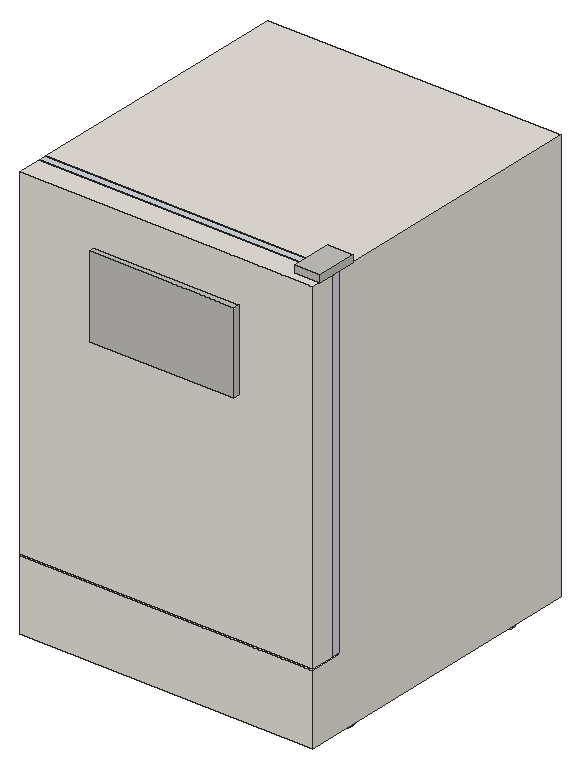
Revit family "NU-8600", category Mechanical Equipment, Revit 2018
Family settings
  Round Connector Dimension = Use Diameter
  Part Type = Normal
  OmniClass Number = 23.75.00.00
  OmniClass Title = Climate Control (HVAC)
  Work Plane-Based = No
  Always vertical = Yes
  Cut with Voids When Loaded = No
  Shared = No
  Room Calculation Point = No
Parameters
  WIDTH = 2' - 1 39/64"
  HEIGHT = 3' - 1.1"
  DEPTH = 2' - 3"
  CONTROL PANEL WIDTH = 1' - 0 9/16"
Reference planes (in)
  plane 1 "Center (Front/Back)": y = 0
  plane 2: z = 0
  plane 3 "Center (Left/Right)": x = 0
  plane 4: x = 12.80469
  plane 5: x = -12.80469
  plane 6: z = 37.1
  plane 7: z = 37.725
  plane 8: z = 1
  plane 9: z = 7.0625
  plane 10: z = 7.25
  plane 11: z = 33.4125
  plane 12: z = 26.35
  plane 13: x = 10.61719
  plane 14: x = -6.28125
  plane 15: x = 6.28125
  plane 16: x = -11.05469
  plane 17: x = 11.05469
  plane 18: x = -10.25469
  plane 19: x = 10.25469
  plane 20: y = -13.5
  plane 21: y = 13.5
  plane 22: y = -14
  plane 23: y = -8
  plane 24: y = 9.5
  plane 25: y = -12.75
  plane 26: y = -9.1875
  plane 27: y = -11.375
  plane 28: y = -10.6875
Forms (in)
  Extrusion 1, solid
    sketch origin (0, 0, 0) x (0, 1, 0) y (0, 0, 1)
      loop
        line (-13.5, 1) -> (13.5, 1) -> (13.5, 37.1) -> (-10.6875, 37.1) -> (-10.6875, 7.0625) -> (-13.5, 7.0625) -> (-13.5, 1)
    from -12.80469 to 12.80469
  Extrusion 2, solid
    sketch origin (0, 0, 0) x (0, 1, 0) y (0, 0, 1)
      loop
        line (-10.6875, 37.1) -> (-11.375, 37.1) -> (-11.375, 7.25) -> (-10.6875, 7.25) -> (-10.6875, 37.1)
    from -12.80469 to 12.80469
  Extrusion 3, solid
    sketch origin (0, 0, 0) x (0, 1, 0) y (0, 0, 1)
      loop
        line (-11.375, 37.1) -> (-13.5, 37.1) -> (-13.5, 7.25) -> (-11.375, 7.25) -> (-11.375, 37.1)
    from -12.80469 to 12.80469
  Extrusion 4, solid
    sketch origin (0, 0, 0) x (1, 0, 0) y (0, 0, 1)
      loop
        line (-6.28125, 33.4125) -> (-6.28125, 26.35) -> (6.28125, 26.35) -> (6.28125, 33.4125) -> (-6.28125, 33.4125)
    from 13.5 to 14
  Extrusion 5, solid
    sketch origin (0, 0, 0) x (0, 1, 0) y (0, 0, 1)
      loop
        line (-12.75, 37.725) -> (-12.75, 37.1) -> (-9.1875, 37.1) -> (-9.1875, 37.725) -> (-12.75, 37.725)
    from 10.61719 to 12.80469
  Revolve 6, solid
    sketch origin (0, -8, -2.63308) x (0, 0, -1) y (1, 0, 0)
      loop
        line (-2.63308, 10.25469) -> (-2.63308, 11.05469) -> (-3.63308, 11.05469) -> (-3.63308, 10.25469) -> (-2.63308, 10.25469)
      axis (-3.63308, 11.05469) -> (-2.63308, 11.05469)
    angle from 0 to 360
  Revolve 7, solid
    sketch origin (0, -8, -2.63308) x (0, 0, -1) y (1, 0, 0)
      loop
        line (-2.63308, -11.05469) -> (-2.63308, -10.25469) -> (-3.63308, -10.25469) -> (-3.63308, -11.05469) -> (-2.63308, -11.05469)
      axis (-3.63308, -11.05469) -> (-2.63308, -11.05469)
    angle from 0 to 360
  Revolve 8, solid
    sketch origin (0, 9.5, 12.57435) x (0, 0, 1) y (1, 0, 0)
      loop
        line (-12.57435, 11.05469) -> (-12.57435, 10.25469) -> (-11.57435, 10.25469) -> (-11.57435, 11.05469) -> (-12.57435, 11.05469)
      axis (-11.57435, 11.05469) -> (-12.57435, 11.05469)
    angle from 0 to 360
  Revolve 9, solid
    sketch origin (0, 9.5, 12.57435) x (0, 0, 1) y (1, 0, 0)
      loop
        line (-11.57435, -11.05469) -> (-11.57435, -10.25469) -> (-12.57435, -10.25469) -> (-12.57435, -11.05469) -> (-11.57435, -11.05469)
      axis (-11.57435, -11.05469) -> (-12.57435, -11.05469)
    angle from 0 to 360
Dimensions and locks (in)
  equal spacing: plane 5, plane 3 "Center (Left/Right)", plane 4
  "WIDTH": plane 5 to plane 4
  "HEIGHT": plane 6 to plane 2
  locked: plane 7 to plane 6 at 0.625
  locked: plane 8 to plane 2 at 1
  locked: plane 10 to plane 9 at 0.1875
  locked: plane 8 to plane 9 at 6.0625
  locked: plane 11 to plane 12 at 7.0625
  locked: plane 6 to plane 11 at 3.6875
  locked: plane 13 to plane 4 at 2.1875
  equal spacing: plane 15, plane 3 "Center (Left/Right)", plane 14
  "CONTROL PANEL WIDTH": plane 14 to plane 15
  locked: plane 16 to plane 5 at 1.75
  locked: plane 4 to plane 17 at 1.75
  locked: plane 18 to plane 16 at 0.8
  locked: plane 19 to plane 17 at 0.8
  equal spacing: plane 20, plane 1 "Center (Front/Back)", plane 21
  "DEPTH": plane 20 to plane 21
  locked: plane 22 to plane 20 at 0.5
  locked: plane 23 to plane 20 at 5.5
  locked: plane 24 to plane 21 at 4
  locked: plane 20 to plane 25 at 0.75
  locked: plane 25 to plane 26 at 3.5625
  locked: plane 20 to plane 27 at 2.125
  locked: plane 27 to plane 28 at 0.6875
  plane 6 to Extrusion 5 = 0' - 0 5/8"
  plane 5 to Revolve 7 sketch curve to Revolve 7 sketch curve = 0' - 1 3/4", 0' - 0.8"
  aligned and locked: level to plane 2
  aligned and locked: plane 20 to Extrusion 1 sketch curve
  aligned and locked: plane 8 to Extrusion 1 sketch curve
  aligned and locked: plane 21 to Extrusion 1 sketch curve
  aligned and locked: plane 6 to Extrusion 1 sketch curve
  aligned and locked: Extrusion 1 sketch curve to plane 28
  aligned and locked: plane 9 to Extrusion 1 sketch curve
  aligned and locked: Extrusion 1 sketch curve to plane 20
  aligned and locked: plane 5 to Extrusion 1
  aligned and locked: plane 4 to Extrusion 1
  aligned and locked: Extrusion 1 to Extrusion 2 sketch curve
  aligned and locked: Extrusion 2 sketch curve to Extrusion 1
  aligned and locked: plane 10 to Extrusion 2 sketch curve
  aligned and locked: Extrusion 2 sketch curve to plane 27
  aligned and locked: plane 4 to Extrusion 2
  aligned and locked: plane 5 to Extrusion 2
  aligned and locked: Extrusion 2 to Extrusion 3 sketch curve
  aligned and locked: Extrusion 3 sketch curve to Extrusion 2
  aligned and locked: plane 10 to Extrusion 3 sketch curve
  aligned and locked: Extrusion 3 sketch curve to plane 20
  aligned and locked: plane 4 to Extrusion 3
  aligned and locked: plane 5 to Extrusion 3
  aligned and locked: plane 11 to Extrusion 4 sketch curve
  aligned and locked: plane 14 to Extrusion 4 sketch curve
  aligned and locked: Extrusion 4 sketch curve to plane 12
  aligned and locked: plane 15 to Extrusion 4 sketch curve
  aligned and locked: Extrusion 4 to plane 22
  aligned and locked: plane 20 to Extrusion 4
  aligned and locked: Extrusion 5 sketch curve to plane 7
  aligned and locked: plane 25 to Extrusion 5 sketch curve
  aligned and locked: plane 6 to Extrusion 5 sketch curve
  aligned and locked: Extrusion 5 sketch curve to plane 26
  aligned and locked: plane 4 to Extrusion 5
  aligned and locked: Extrusion 5 to plane 13
  aligned and locked: Revolve 6 sketch curve to level
  aligned and locked: Revolve 6 sketch curve to plane 19
  aligned and locked: Revolve 6 sketch curve to plane 8
  aligned and locked: Revolve 6 sketch curve to plane 17
  aligned and locked: Revolve 6 sketch curve to Revolve 6 sketch curve  (x2)
  aligned and locked: Revolve 7 sketch curve to level
  aligned and locked: plane 16 to Revolve 7 sketch curve
  aligned and locked: Revolve 7 sketch curve to plane 8
  aligned and locked: Revolve 7 sketch curve to Revolve 7 sketch curve
  aligned and locked: Revolve 6 to Revolve 8 sketch curve
  aligned and locked: Revolve 8 sketch curve to plane 17
  aligned and locked: Revolve 8 sketch curve to Revolve 6  (x2)
  aligned and locked: Revolve 8 sketch curve to Revolve 8 sketch curve  (x2)
  aligned and locked: Revolve 7 to Revolve 9 sketch curve
  aligned and locked: plane 16 to Revolve 9 sketch curve
  aligned and locked: Revolve 9 sketch curve to Revolve 7  (x2)
  aligned and locked: Revolve 9 sketch curve to Revolve 9 sketch curve  (x2)
Automatic sketch dimensions
  Revolve 6 sketch curve to level = 0' - 0"
  Revolve 7 sketch curve to level = 0' - 0"
  Revolve 8 sketch curve to level = 0' - 0"
  Revolve 9 sketch curve to level = 0' - 0"
